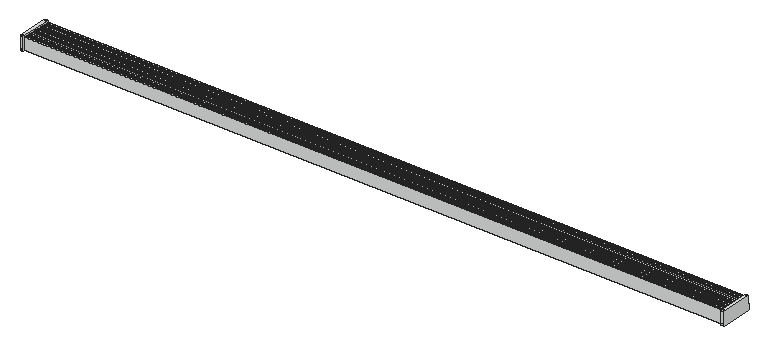
Revit family "Shower-Drain_Cover-KOHLER-Linear-K-80655", category Specialty Equipment, host Face, Revit 2017 (continued)
Definition of nested family "K-80655"
  Lines and regions (in)
    symbolic lines, detail levels medium+fine
      curve 3435: line (3.43301, -0.29, 0) -> (2.77021, -0.29, 0)
      curve 3436: line (3.43301, -0.43, 0) -> (2.77021, -0.43, 0)
      curve 3437: line (3.43301, -0.19, 0) -> (2.77021, -0.19, 0)
      curve 3438: line (3.43301, -0.05, 0) -> (2.77021, -0.05, 0)
      curve 3439: line (3.43301, 1.01, 0) -> (3.43301, 1.05059, 0)
      curve 3440: arc (3.43301, 1.05059, 0) -> (3.4039, 1.12088, 0) -> (3.33361, 1.15, 0) r 0.09941
      curve 3441: line (3.43301, -1.01, 0) -> (3.43301, -1.04681, 0)
      curve 3442: arc (3.43301, -1.04681, 0) -> (3.40279, -1.11978, 0) -> (3.32982, -1.15, 0) r 0.10319
      curve 3443: line (1.99286, 0.05, 0) -> (1.99286, 0.19, 0)
      curve 3444: arc (1.99286, 0.83109, 0) -> (2.0046, 0.87565, 0) -> (2.03531, 0.91, 0) r 0.09854
      curve 3445: arc (2.10022, 1.01, 0) -> (2.10315, 1.02893, 0) -> (2.1039, 1.04807, 0) r 0.16707
      curve 3446: line (2.55654, 1.15, 0) -> (2.20397, 1.15, 0)
      curve 3447: arc (2.65566, 1.05088, 0) -> (2.62663, 1.12097, 0) -> (2.55654, 1.15, 0) r 0.09912
      curve 3448: arc (2.20397, 1.15, 0) -> (2.13255, 1.12003, 0) -> (2.1039, 1.04807, 0) r 0.10009
      curve 3449: arc (1.84951, 1.01, 0) -> (1.93686, 1.13911, 0) -> (2.02422, 1.01, 0) r 0.09411
      curve 3450: line (1.88086, 0.05, 0) -> (1.88086, 0.19, 0)
      curve 3451: arc (1.88086, 0.83109, 0) -> (1.86912, 0.87565, 0) -> (1.83841, 0.91, 0) r 0.09854
      curve 3452: arc (1.7735, 1.01, 0) -> (1.77057, 1.02893, 0) -> (1.76982, 1.04807, 0) r 0.16707
      curve 3453: line (1.31718, 1.15, 0) -> (1.66975, 1.15, 0)
      curve 3454: line (1.21806, 1.05088, 0) -> (1.21806, 1.01, 0)
      curve 3455: arc (1.21806, 1.05088, 0) -> (1.24709, 1.12097, 0) -> (1.31718, 1.15, 0) r 0.09912
      curve 3456: arc (1.66975, 1.15, 0) -> (1.74117, 1.12003, 0) -> (1.76982, 1.04807, 0) r 0.10009
      curve 3457: line (1.21806, 0.91, 0) -> (1.83841, 0.91, 0)
      curve 3458: line (2.65566, 0.05, 0) -> (2.65566, 0.19, 0)
      curve 3459: line (2.65566, 1.01, 0) -> (2.10022, 1.01, 0)
      curve 3460: line (1.7735, 1.01, 0) -> (1.21806, 1.01, 0)
      curve 3461: line (2.02422, 1.01, 0) -> (1.84951, 1.01, 0)
      curve 3462: line (2.65566, 1.01, 0) -> (2.65566, 1.05088, 0)
      curve 3463: line (1.21806, 0.91, 0) -> (1.21806, 0.77, 0)
      curve 3464: line (2.65566, 0.77, 0) -> (1.99286, 0.77, 0)
      curve 3465: line (2.03531, 0.91, 0) -> (2.65566, 0.91, 0)
      curve 3466: line (1.21806, 0.67, 0) -> (1.21806, 0.53, 0)
      curve 3467: line (1.88086, 0.77, 0) -> (1.21806, 0.77, 0)
      curve 3468: line (1.99286, 0.77, 0) -> (1.99286, 0.83109, 0)
      curve 3469: line (1.88086, 0.77, 0) -> (1.88086, 0.83109, 0)
      curve 3470: line (2.65566, 0.77, 0) -> (2.65566, 0.91, 0)
      curve 3471: line (2.65566, 0.67, 0) -> (1.99286, 0.67, 0)
      curve 3472: line (2.65566, 0.53, 0) -> (1.99286, 0.53, 0)
      curve 3473: line (1.88086, 0.67, 0) -> (1.21806, 0.67, 0)
      curve 3474: line (1.88086, 0.53, 0) -> (1.21806, 0.53, 0)
      curve 3475: line (2.65566, 0.53, 0) -> (2.65566, 0.67, 0)
      curve 3476: line (1.21806, 0.43, 0) -> (1.21806, 0.29, 0)
      curve 3477: line (1.88086, 0.53, 0) -> (1.88086, 0.67, 0)
      curve 3478: line (1.99286, 0.53, 0) -> (1.99286, 0.67, 0)
      curve 3479: line (2.65566, 0.43, 0) -> (1.99286, 0.43, 0)
      curve 3480: line (2.65566, 0.29, 0) -> (1.99286, 0.29, 0)
      curve 3481: line (2.65566, 0.29, 0) -> (2.65566, 0.43, 0)
      curve 3482: line (1.99286, 0.29, 0) -> (1.99286, 0.43, 0)
      curve 3483: line (1.88086, 0.29, 0) -> (1.88086, 0.43, 0)
      curve 3484: line (1.21806, 0.19, 0) -> (1.21806, 0.05, 0)
      curve 3485: line (1.88086, 0.29, 0) -> (1.21806, 0.29, 0)
      curve 3486: line (1.88086, 0.43, 0) -> (1.21806, 0.43, 0)
      curve 3487: line (2.65566, 0.19, 0) -> (1.99286, 0.19, 0)
      curve 3488: line (2.65566, 0.05, 0) -> (1.99286, 0.05, 0)
      curve 3489: line (1.88086, 0.19, 0) -> (1.21806, 0.19, 0)
      curve 3490: line (1.88086, 0.05, 0) -> (1.21806, 0.05, 0)
      curve 3491: line (1.99286, -0.05, 0) -> (1.99286, -0.19, 0)
      curve 3492: arc (1.99286, -0.83109, 0) -> (2.0046, -0.87565, 0) -> (2.03531, -0.91, 0) r 0.09854
      curve 3493: arc (2.10022, -1.01, 0) -> (2.10315, -1.02893, 0) -> (2.1039, -1.04807, 0) r 0.16707
      curve 3494: line (2.55654, -1.15, 0) -> (2.20397, -1.15, 0)
      curve 3495: arc (2.65566, -1.05088, 0) -> (2.62663, -1.12097, 0) -> (2.55654, -1.15, 0) r 0.09912
      curve 3496: arc (2.20397, -1.15, 0) -> (2.13255, -1.12003, 0) -> (2.1039, -1.04807, 0) r 0.10009
      curve 3497: arc (1.84951, -1.01, 0) -> (1.93686, -1.13911, 0) -> (2.02422, -1.01, 0) r 0.09411
      curve 3498: line (1.88086, -0.05, 0) -> (1.88086, -0.19, 0)
      curve 3499: arc (1.88086, -0.83109, 0) -> (1.86912, -0.87565, 0) -> (1.83841, -0.91, 0) r 0.09854
      curve 3500: arc (1.7735, -1.01, 0) -> (1.77057, -1.02893, 0) -> (1.76982, -1.04807, 0) r 0.16707
      curve 3501: line (1.31718, -1.15, 0) -> (1.66975, -1.15, 0)
      curve 3502: line (1.21806, -1.05088, 0) -> (1.21806, -1.01, 0)
      curve 3503: arc (1.21806, -1.05088, 0) -> (1.24709, -1.12097, 0) -> (1.31718, -1.15, 0) r 0.09912
      curve 3504: arc (1.66975, -1.15, 0) -> (1.74117, -1.12003, 0) -> (1.76982, -1.04807, 0) r 0.10009
      curve 3505: line (1.21806, -0.91, 0) -> (1.83841, -0.91, 0)
      curve 3506: line (2.65566, -0.05, 0) -> (2.65566, -0.19, 0)
      curve 3507: line (2.65566, -1.01, 0) -> (2.10022, -1.01, 0)
      curve 3508: line (1.7735, -1.01, 0) -> (1.21806, -1.01, 0)
      curve 3509: line (2.02422, -1.01, 0) -> (1.84951, -1.01, 0)
      curve 3510: line (2.65566, -1.01, 0) -> (2.65566, -1.05088, 0)
      curve 3511: line (1.21806, -0.91, 0) -> (1.21806, -0.77, 0)
      curve 3512: line (2.65566, -0.77, 0) -> (1.99286, -0.77, 0)
      curve 3513: line (2.03531, -0.91, 0) -> (2.65566, -0.91, 0)
      curve 3514: line (1.21806, -0.67, 0) -> (1.21806, -0.53, 0)
      curve 3515: line (1.88086, -0.77, 0) -> (1.21806, -0.77, 0)
      curve 3516: line (1.99286, -0.77, 0) -> (1.99286, -0.83109, 0)
      curve 3517: line (1.88086, -0.77, 0) -> (1.88086, -0.83109, 0)
      curve 3518: line (2.65566, -0.77, 0) -> (2.65566, -0.91, 0)
      curve 3519: line (2.65566, -0.67, 0) -> (1.99286, -0.67, 0)
      curve 3520: line (2.65566, -0.53, 0) -> (1.99286, -0.53, 0)
      curve 3521: line (1.88086, -0.67, 0) -> (1.21806, -0.67, 0)
      curve 3522: line (1.88086, -0.53, 0) -> (1.21806, -0.53, 0)
      curve 3523: line (2.65566, -0.53, 0) -> (2.65566, -0.67, 0)
      curve 3524: line (1.21806, -0.43, 0) -> (1.21806, -0.29, 0)
      curve 3525: line (1.88086, -0.53, 0) -> (1.88086, -0.67, 0)
      curve 3526: line (1.99286, -0.53, 0) -> (1.99286, -0.67, 0)
      curve 3527: line (2.65566, -0.43, 0) -> (1.99286, -0.43, 0)
      curve 3528: line (2.65566, -0.29, 0) -> (1.99286, -0.29, 0)
      curve 3529: line (2.65566, -0.29, 0) -> (2.65566, -0.43, 0)
      curve 3530: line (1.99286, -0.29, 0) -> (1.99286, -0.43, 0)
      curve 3531: line (1.88086, -0.29, 0) -> (1.88086, -0.43, 0)
      curve 3532: line (1.21806, -0.19, 0) -> (1.21806, -0.05, 0)
      curve 3533: line (1.88086, -0.29, 0) -> (1.21806, -0.29, 0)
      curve 3534: line (1.88086, -0.43, 0) -> (1.21806, -0.43, 0)
      curve 3535: line (2.65566, -0.19, 0) -> (1.99286, -0.19, 0)
      curve 3536: line (2.65566, -0.05, 0) -> (1.99286, -0.05, 0)
      curve 3537: line (1.88086, -0.19, 0) -> (1.21806, -0.19, 0)
      curve 3538: line (1.88086, -0.05, 0) -> (1.21806, -0.05, 0)
      curve 3539: line (1.10624, 0.05, 0) -> (1.10624, 0.19, 0)
      curve 3540: line (0.54256, 1.15, 0) -> (1.00683, 1.15, 0)
      curve 3541: line (0.44344, 1.05088, 0) -> (0.44344, 1.01, 0)
      curve 3542: arc (0.44344, 1.05088, 0) -> (0.47247, 1.12097, 0) -> (0.54256, 1.15, 0) r 0.09912
      curve 3543: line (0.44344, 0.91, 0) -> (1.10624, 0.91, 0)
      curve 3544: line (1.10624, 1.01, 0) -> (0.44344, 1.01, 0)
      curve 3545: line (0.44344, 0.91, 0) -> (0.44344, 0.77, 0)
      curve 3546: line (0.44344, 0.67, 0) -> (0.44344, 0.53, 0)
      curve 3547: line (1.10624, 0.77, 0) -> (0.44344, 0.77, 0)
      curve 3548: line (1.10624, 0.77, 0) -> (1.10624, 0.91, 0)
      curve 3549: line (1.10624, 0.67, 0) -> (0.44344, 0.67, 0)
      curve 3550: line (1.10624, 0.53, 0) -> (0.44344, 0.53, 0)
      curve 3551: line (0.44344, 0.43, 0) -> (0.44344, 0.29, 0)
      curve 3552: line (1.10624, 0.53, 0) -> (1.10624, 0.67, 0)
      curve 3553: line (1.10624, 0.29, 0) -> (1.10624, 0.43, 0)
      curve 3554: line (0.44344, 0.19, 0) -> (0.44344, 0.05, 0)
      curve 3555: line (1.10624, 0.29, 0) -> (0.44344, 0.29, 0)
      curve 3556: line (1.10624, 0.43, 0) -> (0.44344, 0.43, 0)
      curve 3557: line (1.10624, 0.19, 0) -> (0.44344, 0.19, 0)
      curve 3558: line (1.10624, 0.05, 0) -> (0.44344, 0.05, 0)
      curve 3559: line (1.10624, -0.05, 0) -> (1.10624, -0.19, 0)
      curve 3560: line (0.54256, -1.15, 0) -> (1.00305, -1.15, 0)
      curve 3561: line (0.44344, -1.05088, 0) -> (0.44344, -1.01, 0)
      curve 3562: arc (0.44344, -1.05088, 0) -> (0.47247, -1.12097, 0) -> (0.54256, -1.15, 0) r 0.09912
      curve 3563: line (0.44344, -0.91, 0) -> (1.10624, -0.91, 0)
      curve 3564: line (1.10624, -1.01, 0) -> (0.44344, -1.01, 0)
      curve 3565: line (0.44344, -0.91, 0) -> (0.44344, -0.77, 0)
      curve 3566: line (0.44344, -0.67, 0) -> (0.44344, -0.53, 0)
      curve 3567: line (1.10624, -0.77, 0) -> (0.44344, -0.77, 0)
      curve 3568: line (1.10624, -0.77, 0) -> (1.10624, -0.91, 0)
      curve 3569: line (1.10624, -0.67, 0) -> (0.44344, -0.67, 0)
      curve 3570: line (1.10624, -0.53, 0) -> (0.44344, -0.53, 0)
      curve 3571: line (0.44344, -0.43, 0) -> (0.44344, -0.29, 0)
      curve 3572: line (1.10624, -0.53, 0) -> (1.10624, -0.67, 0)
      curve 3573: line (1.10624, -0.29, 0) -> (1.10624, -0.43, 0)
      curve 3574: line (0.44344, -0.19, 0) -> (0.44344, -0.05, 0)
      curve 3575: line (1.10624, -0.29, 0) -> (0.44344, -0.29, 0)
      curve 3576: line (1.10624, -0.43, 0) -> (0.44344, -0.43, 0)
      curve 3577: line (1.10624, -0.19, 0) -> (0.44344, -0.19, 0)
      curve 3578: line (1.10624, -0.05, 0) -> (0.44344, -0.05, 0)
      curve 3579: line (1.10624, 1.01, 0) -> (1.10624, 1.05059, 0)
      curve 3580: arc (1.10624, 1.05059, 0) -> (1.07713, 1.12088, 0) -> (1.00683, 1.15, 0) r 0.09941
      curve 3581: line (1.10624, -1.01, 0) -> (1.10624, -1.04681, 0)
      curve 3582: arc (1.10624, -1.04681, 0) -> (1.07602, -1.11978, 0) -> (1.00305, -1.15, 0) r 0.10319
  Dimensions and locks (in)
    plane 4 to plane 1 "Center (Front/Back)" = 1 9/32"
    plane 6 to plane 1 "Center (Front/Back)" = 1 1/4"
    level to plane 8 = 1 1/8"
    plane 9 to plane 3 "Center (Left/Right)" = 30"
    aligned and locked: plane 2 to level
Types (5): name | Type | Model | Finish
  (no name) | 4 | "K-80655-SH" | Kohler-Metal-SH-Bright_Silver
  2MB-Vibrant Brushed Moderne Brass | 1 | "K-80655-2MB" | Kohler-Metal-2MB-Vibrant_Brushed_Moderne_Brass
  BL-Matte Black | 2 | "K-80655-BL" | Kohler-Metal-BL-Matte_Black
  BNK-Anodized Brushed Nickel | 3 | "K-80655-BNK" | Kohler-Metal-BNK-Anodized_Brushed_Nickel
  SH-Bright Silver | 4 | "K-80655-SH" | Kohler-Metal-SH-Bright_Silver
